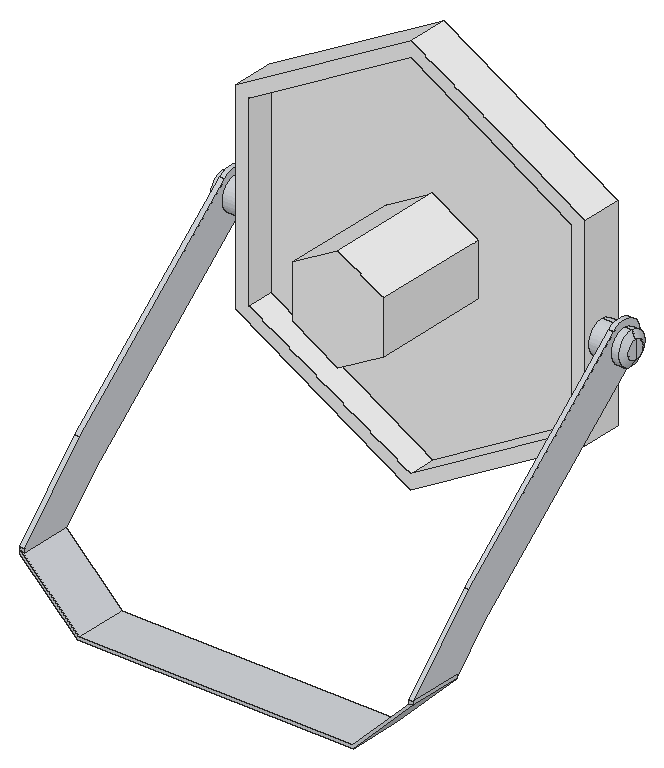
Revit family "Lighting-Floodlights-GEWISS-ESALITE-FL-LED_12K_DALI", category Apparecchi per illuminazione, host Superficie, Revit 2019 (continued)
Types (12, lengths in mm): name | Versions | Technical sheet | Optic | Nominal flux (lm) | built-in parameter 1150142 | Modello | Lumen output (lm) | IDT | File diagramma fotometrico | Descrizione | Colour temperature:
  GWS6425GD30K - ESALITE 12K ELL.3000K PRO+V GR.DALI | "3000K warm light" | "https://www.gewiss.com/ww/en/search?q=GWS6425GD30K" | "Elliptical" | "14000" | "IESNA:LM-63-2002\r\n[TEST] GWS6425GD30K\r\n[TESTLAB] GEWISS\r\n[TESTDATE] 31 Aug 2018\r\n[ISSUEDATE] 31 Aug 2018\r\n[MANUFAC] GEWISS\r\n[LUMCAT] GWS6425GD30K\r\n[LUMINAIRE] ESALITE FL 12K+GLAS ELL. GR. DALI LED830\r\n[FLASHAREA] 0.030706\r\n[LAMPCAT] LED 112W/3000K - 11100lm\r\n[LAMP] LED 112W/3000K - 11100lm\r\nTILT=NONE\r\n1 11100.00 1.0 46 19 1 2 -0.402 -0.402 0.000\r\n1.00 1.00 112.00\r\n0.00 1.00 2.00 3.00 4.00 5.00 6.00 7.00 8.00 9.00 10.00 \r\n11.00 12.00 13.00 14.00 15.00 17.50 20.00 22.50 25.00 \r\n27.50 30.00 32.50 35.00 37.50 40.00 42.50 45.00 47.50 \r\n50.00 52.50 55.00 57.50 60.00 62.50 65.00 67.50 70.00 \r\n72.50 75.00 77.50 80.00 82.50 85.00 87.50 90.00 \r\n0.00 5.00 10.00 15.00 20.00 25.00 30.00 35.00 40.00 45.00 \r\n50.00 55.00 60.00 65.00 70.00 75.00 80.00 85.00 90.00 \r\n4426.35 4423.90 4426.24 4441.33 4480.85 4571.31 4719.83 \r\n4907.75 5087.57 5233.76 5302.36 5297.81 5281.71 5281.82 \r\n5289.93 5317.79 5419.80 5544.89 5709.62 5923.07 6246.75 \r\n6631.92 6684.09 6631.70 6616.49 6605.94 6587.07 6426.23 \r\n5937.06 5035.18 3806.97 2494.84 1431.23 923.01 938.54 \r\n1168.94 1002.56 570.28 378.42 299.00 223.98 170.50 122.01 \r\n69.98 24.27 1.61 \r\n4426.35 4426.90 4428.68 4442.55 4481.63 4569.98 4715.95 \r\n4902.76 5081.91 5229.65 5298.25 5294.70 5279.05 5275.50 \r\n5285.93 5313.90 5415.69 5546.67 5707.18 5920.74 6235.98 \r\n6607.16 6669.32 6635.69 6626.37 6626.48 6617.26 6477.74 \r\n5999.22 5078.47 3834.72 2502.83 1416.36 913.45 930.21 \r\n1158.51 990.43 557.04 353.95 265.87 199.83 152.19 101.30 \r\n54.00 19.07 1.59 \r\n4426.35 4427.46 4427.57 4440.33 4478.74 4563.10 4705.07 \r\n4889.66 5070.15 5218.55 5293.48 5294.48 5277.49 5273.39 \r\n5284.38 5310.46 5415.91 5551.22 5724.27 5944.83 6242.31 \r\n6578.19 6671.43 6680.98 6692.19 6705.73 6709.62 6592.62 \r\n6135.41 5205.12 3950.27 2595.29 1463.31 923.79 922.83 \r\n1155.40 979.10 545.70 342.42 254.83 190.96 138.73 90.70 \r\n50.28 18.43 1.58 \r\n4426.35 4426.24 4427.46 4437.34 4473.30 4553.33 4689.64 \r\n4868.90 5048.06 5204.12 5287.15 5295.48 5278.72 5273.50 \r\n5282.93 5311.35 5422.13 5570.42 5757.68 5989.12 6264.06 \r\n6566.20 6707.73 6764.45 6797.31 6815.07 6787.65 6648.12 \r\n6221.77 5359.97 4188.25 2903.98 1743.70 1035.37 921.83 \r\n1141.30 969.15 541.85 340.38 254.27 192.10 141.92 99.25 \r\n51.71 18.93 1.56 \r\n4426.35 4424.02 4425.79 4433.89 4465.86 4539.01 4666.33 \r\n4839.49 5017.31 5181.81 5282.27 5300.81 5284.38 5279.16 \r\n5287.15 5316.23 5431.78 5591.74 5792.42 6043.40 6311.35 \r\n6581.08 6756.13 6835.27 6848.81 6804.30 6664.44 6400.26 \r\n5986.67 5305.24 4342.99 3205.46 2082.03 1203.91 907.46 \r\n1077.90 954.82 529.49 328.96 251.32 187.55 139.32 96.22 \r\n57.52 22.54 1.54 \r\n4426.35 4425.79 4426.90 4434.56 4461.87 4527.69 4646.57 \r\n4811.96 4987.34 5158.06 5277.38 5315.79 5305.80 5297.03 \r\n5304.02 5332.55 5455.54 5628.03 5840.15 6100.67 6358.64 \r\n6570.98 6705.95 6703.29 6575.97 6333.88 5954.26 5461.64 \r\n4912.08 4330.22 3607.61 2706.85 1789.65 1076.26 793.74 \r\n933.77 886.46 497.75 318.39 243.59 178.10 122.40 79.54 \r\n49.97 23.67 1.51 \r\n4426.35 4426.90 4428.68 4435.12 4456.76 4513.15 4618.71 \r\n4772.89 4944.16 5122.32 5261.29 5327.11 5326.67 5318.45 \r\n5320.90 5345.65 5464.75 5637.02 5843.37 6070.81 6246.41 \r\n6306.58 6238.64 5982.01 5556.44 5004.77 4353.97 3673.21 \r\n3018.20 2435.78 1952.38 1510.49 1120.88 838.82 695.63 \r\n751.27 735.05 442.48 302.70 230.16 166.13 110.90 72.34 \r\n44.69 18.39 1.48 \r\n4426.35 4426.90 4427.57 4431.01 4450.21 4497.94 4590.52 \r\n4732.04 4897.54 5078.14 5235.98 5332.55 5350.42 5340.99 \r\n5338.66 5357.19 5464.86 5619.26 5770.78 5870.23 5828.94 \r\n5591.96 5183.37 4584.85 3867.13 3132.09 2447.22 1882.56 \r\n1487.96 1251.19 1136.08 1077.94 1002.29 872.80 714.11 \r\n612.58 546.73 390.56 285.55 219.78 159.84 113.93 74.21 \r\n44.00 17.62 1.42 \r\n4426.35 4425.13 4427.46 4428.57 4443.66 4484.73 4561.10 \r\n4686.75 4840.60 5018.20 5191.14 5314.46 5361.41 5357.53 \r\n5348.31 5360.52 5439.89 5530.80 5543.01 5399.93 5038.29 \r\n4440.00 3718.28 2938.39 2228.88 1695.08 1350.43 1179.49 \r\n1130.09 1125.98 1128.32 1122.54 1090.13 984.51 804.47 \r\n605.48 455.64 355.09 278.08 218.96 163.54 123.44 82.72 \r\n43.96 16.88 1.36 \r\n4426.35 4427.46 4427.46 4429.79 4441.44 4475.30 4539.90 \r\n4643.69 4784.65 4954.26 5134.31 5285.71 5370.18 5386.50 \r\n5371.84 5367.18 5389.83 5357.08 5146.51 4693.08 3994.22 \r\n3146.29 2349.43 1755.24 1383.17 1194.47 1124.65 1126.43 \r\n1153.85 1177.15 1191.14 1191.70 1180.71 1114.88 954.67 \r\n746.48 535.43 385.85 293.16 225.27 168.23 125.93 87.04 \r\n45.58 16.26 1.29 \r\n4426.35 4426.35 4425.13 4426.90 4435.56 4461.09 4512.59 \r\n4594.73 4712.28 4866.80 5040.51 5211.89 5331.66 5383.83 \r\n5375.06 5351.31 5281.71 5070.15 4592.74 3831.83 2913.75 \r\n2063.71 1523.36 1253.86 1142.19 1120.32 1126.10 1147.52 \r\n1183.48 1214.12 1229.10 1233.77 1229.10 1205.02 1134.42 \r\n1016.77 774.17 494.80 327.82 238.77 174.45 125.87 82.10 \r\n43.94 16.49 1.22 \r\n4426.35 4426.90 4426.90 4427.46 4435.56 4458.20 4499.27 \r\n4562.54 4656.45 4789.32 4951.04 5127.31 5275.27 5371.51 \r\n5387.16 5348.98 5147.40 4718.94 3977.35 2991.56 2054.94 \r\n1463.76 1212.01 1127.87 1120.32 1133.64 1144.63 1162.61 \r\n1192.25 1219.00 1225.33 1219.45 1214.89 1222.33 1267.95 \r\n1308.91 1039.09 628.22 386.66 269.01 192.53 143.41 90.71 \r\n47.86 17.15 1.14 \r\n4426.35 4424.57 4425.79 4425.79 4433.34 4450.77 4480.96 \r\n4529.24 4597.73 4700.63 4838.93 5009.32 5170.38 5304.69 \r\n5363.19 5322.34 4973.58 4323.12 3372.96 2295.37 1534.91 \r\n1245.31 1140.19 1119.32 1132.09 1147.18 1154.18 1158.28 \r\n1172.16 1184.92 1181.37 1163.39 1150.63 1186.48 1320.90 \r\n1478.41 1185.81 689.47 419.40 289.68 205.07 145.59 95.32 \r\n50.55 18.28 1.09 \r\n4426.35 4425.13 4426.35 4427.46 4436.23 4453.65 4482.07 \r\n4517.48 4566.87 4639.47 4744.69 4889.33 5048.50 5200.68 \r\n5293.59 5285.38 4819.73 3953.26 2851.70 1803.42 1305.47 \r\n1207.90 1145.85 1132.98 1144.08 1156.29 1156.18 1147.52 \r\n1143.52 1144.74 1135.97 1121.99 1116.77 1164.39 1343.43 \r\n1548.78 1223.55 700.27 438.91 297.34 203.00 148.31 96.36 \r\n50.43 18.23 1.07 \r\n4426.35 4424.02 4424.57 4425.68 4435.01 4451.32 4476.41 \r\n4502.60 4535.79 4580.08 4649.35 4754.13 4886.89 5030.85 \r\n5140.96 5162.06 4657.56 3618.27 2437.67 1510.82 1244.31 \r\n1247.75 1176.16 1151.18 1156.40 1162.17 1155.29 1137.75 \r\n1122.54 1119.66 1119.77 1116.88 1118.55 1174.05 1385.28 \r\n1621.82 1264.40 732.11 477.28 318.24 206.13 141.43 90.83 \r\n49.28 18.79 1.06 \r\n4426.35 4424.02 4424.57 4424.02 4434.45 4450.77 4471.64 \r\n4493.61 4515.70 4540.57 4575.97 4633.92 4715.17 4820.73 \r\n4913.97 4945.83 4485.73 3347.32 2141.30 1363.19 1255.63 \r\n1313.80 1208.68 1163.95 1161.06 1162.17 1152.96 1131.98 \r\n1111.11 1108.83 1119.88 1126.21 1130.87 1190.92 1423.91 \r\n1681.21 1321.68 795.10 542.42 350.48 225.50 143.03 96.82 \r\n50.24 19.46 1.09 \r\n4426.35 4426.35 4425.68 4426.90 4439.00 4456.43 4478.41 \r\n4499.27 4517.26 4534.13 4549.78 4572.31 4602.50 4650.57 \r\n4696.96 4706.73 4316.12 3210.90 2008.32 1322.12 1309.91 \r\n1393.27 1240.31 1184.15 1176.60 1170.83 1158.62 1137.75 \r\n1115.22 1110.55 1126.21 1138.97 1146.52 1213.67 1463.31 \r\n1733.38 1370.63 865.33 643.15 435.08 273.45 157.81 95.64 \r\n48.44 18.93 1.13 \r\n4426.35 4424.57 4424.57 4426.35 4437.45 4457.32 4476.63 \r\n4498.16 4515.04 4528.47 4534.24 4535.35 4534.02 4525.25 \r\n4510.37 4474.52 4142.41 3214.34 1984.35 1316.24 1364.30 \r\n1466.42 1270.17 1199.47 1190.14 1175.38 1157.29 1136.75 \r\n1120.55 1114.77 1125.21 1140.41 1153.18 1228.66 1493.39 \r\n1765.34 1430.35 953.15 724.15 575.66 383.27 197.59 81.72 \r\n46.18 17.80 1.18 \r\n4426.35 4422.80 4422.80 4425.13 4435.56 4454.21 4475.19 \r\n4494.94 4510.04 4521.70 4527.58 4524.03 4510.15 4479.96 \r\n4432.34 4364.96 4050.06 3223.44 1967.14 1307.25 1381.51 \r\n1488.51 1274.50 1200.13 1188.48 1169.94 1150.18 1129.20 \r\n1117.55 1114.11 1122.21 1133.87 1152.40 1232.99 1502.61 \r\n1772.56 1449.11 1001.83 775.77 652.74 458.42 199.31 78.79 \r\n46.35 17.58 1.17 \r\n" | "GWS6425GD30K" | "11100" | "e70a72d96b654087bec8b3378da9b599" | "GWS6425GD30K.IES" | "ESALITE 12K ELL.3000K PRO+V GR.DALI" | "3000 K (CRI>80)"
  GWS6425GD57K - ESALITE 12K ELL.5700K PRO+V GR.DALI | "5700K cold light" | "https://www.gewiss.com/ww/en/search?q=GWS6425GD57K" | "Elliptical" | "15000" | "IESNA:LM-63-2002\r\n[TEST] GWS6425GD57K\r\n[TESTLAB] GEWISS\r\n[TESTDATE] 31 Aug 2018\r\n[ISSUEDATE] 31 Aug 2018\r\n[MANUFAC] GEWISS\r\n[LUMCAT] GWS6425GD57K\r\n[LUMINAIRE] ESALITE FL 12K+GLAS ELL. GR. DALI LED857\r\n[FLASHAREA] 0.030706\r\n[LAMPCAT] LED 112W/5700K - 11900lm\r\n[LAMP] LED 112W/5700K - 11900lm\r\nTILT=NONE\r\n1 11900.00 1.0 46 19 1 2 -0.402 -0.402 0.000\r\n1.00 1.00 112.00\r\n0.00 1.00 2.00 3.00 4.00 5.00 6.00 7.00 8.00 9.00 10.00 \r\n11.00 12.00 13.00 14.00 15.00 17.50 20.00 22.50 25.00 \r\n27.50 30.00 32.50 35.00 37.50 40.00 42.50 45.00 47.50 \r\n50.00 52.50 55.00 57.50 60.00 62.50 65.00 67.50 70.00 \r\n72.50 75.00 77.50 80.00 82.50 85.00 87.50 90.00 \r\n0.00 5.00 10.00 15.00 20.00 25.00 30.00 35.00 40.00 45.00 \r\n50.00 55.00 60.00 65.00 70.00 75.00 80.00 85.00 90.00 \r\n4745.36 4742.74 4745.24 4761.43 4803.79 4900.78 5060.00 \r\n5261.47 5454.25 5610.97 5684.51 5679.63 5662.38 5662.50 \r\n5671.18 5701.05 5810.41 5944.53 6121.12 6349.96 6696.96 \r\n7109.89 7165.82 7109.66 7093.35 7082.05 7061.82 6889.39 \r\n6364.95 5398.08 4081.34 2674.64 1534.39 989.53 1006.18 \r\n1253.19 1074.82 611.39 405.69 320.55 240.12 182.78 130.80 \r\n75.02 26.02 1.72 \r\n4745.36 4745.96 4747.86 4762.74 4804.63 4899.35 5055.83 \r\n5256.11 5448.18 5606.57 5680.11 5676.30 5659.52 5655.71 \r\n5666.90 5696.89 5806.01 5946.43 6118.50 6347.46 6685.42 \r\n7083.36 7150.00 7113.94 7103.94 7104.06 7094.18 6944.60 \r\n6431.59 5444.49 4111.09 2683.21 1518.44 979.29 997.26 \r\n1242.00 1061.81 597.19 379.46 285.03 214.24 163.16 108.60 \r\n57.89 20.45 1.71 \r\n4745.36 4746.55 4746.67 4760.36 4801.53 4891.97 5044.17 \r\n5242.07 5435.56 5594.67 5674.99 5676.06 5657.86 5653.45 \r\n5665.23 5693.20 5806.25 5951.31 6136.83 6373.28 6692.20 \r\n7052.30 7152.26 7162.49 7174.51 7189.03 7193.19 7067.77 \r\n6577.61 5580.27 4234.97 2782.34 1568.78 990.37 989.34 \r\n1238.67 1049.66 585.03 367.10 273.20 204.73 148.73 97.24 \r\n53.90 19.76 1.69 \r\n4745.36 4745.24 4746.55 4757.14 4795.70 4881.50 5027.63 \r\n5219.82 5411.88 5579.20 5668.21 5677.13 5659.16 5653.57 \r\n5663.69 5694.15 5812.91 5971.90 6172.65 6420.76 6715.53 \r\n7039.44 7191.17 7251.98 7287.20 7306.24 7276.85 7127.27 \r\n6670.19 5746.27 4490.11 3113.28 1869.37 1110.00 988.27 \r\n1223.56 1039.00 580.90 364.91 272.59 205.94 152.15 106.40 \r\n55.44 20.30 1.68 \r\n4745.36 4742.86 4744.77 4753.45 4787.73 4866.15 5002.64 \r\n5188.28 5378.92 5555.28 5662.97 5682.85 5665.23 5659.64 \r\n5668.21 5699.39 5823.27 5994.74 6209.90 6478.96 6766.22 \r\n7055.39 7243.05 7327.90 7342.42 7294.70 7144.76 6861.54 \r\n6418.15 5687.61 4655.99 3436.48 2232.08 1290.67 972.86 \r\n1155.59 1023.64 567.65 352.67 269.43 201.06 149.36 103.15 \r\n61.66 24.16 1.65 \r\n4745.36 4744.77 4745.96 4754.17 4783.44 4854.01 4981.46 \r\n5158.77 5346.79 5529.81 5657.74 5698.91 5688.20 5678.80 \r\n5686.30 5716.88 5848.73 6033.66 6261.07 6540.36 6816.92 \r\n7044.56 7189.27 7186.41 7049.92 6790.38 6383.40 5855.28 \r\n5266.11 4642.31 3867.62 2901.93 1918.64 1153.82 850.95 \r\n1001.06 950.35 533.62 341.34 261.15 190.94 131.22 85.27 \r\n53.57 25.38 1.62 \r\n4745.36 4745.96 4747.86 4754.76 4777.97 4838.42 4951.59 \r\n5116.88 5300.50 5491.49 5640.48 5711.05 5710.57 5701.77 \r\n5704.38 5730.92 5858.61 6043.30 6264.52 6508.35 6696.61 \r\n6761.10 6688.28 6413.15 5956.90 5365.47 4667.78 3937.95 \r\n3235.73 2611.34 2093.09 1619.35 1201.66 899.27 745.76 \r\n805.42 788.03 474.37 324.51 246.75 178.11 118.89 77.55 \r\n47.91 19.71 1.59 \r\n4745.36 4745.96 4746.67 4750.36 4770.95 4822.12 4921.36 \r\n5073.09 5250.52 5444.13 5613.35 5716.88 5736.04 5725.92 \r\n5723.42 5743.30 5858.73 6024.26 6186.69 6293.32 6249.05 \r\n5994.98 5556.94 4915.30 4145.84 3357.82 2623.59 2018.24 \r\n1595.20 1341.37 1217.96 1155.63 1074.52 935.71 765.57 \r\n656.73 586.13 418.71 306.13 235.62 171.36 122.14 79.56 \r\n47.17 18.89 1.52 \r\n4745.36 4744.05 4746.55 4747.74 4763.93 4807.96 4889.83 \r\n5024.54 5189.47 5379.87 5565.27 5697.48 5747.82 5743.65 \r\n5733.78 5746.87 5831.95 5929.41 5942.50 5789.11 5401.41 \r\n4760.00 3986.26 3150.17 2389.52 1817.25 1447.75 1264.49 \r\n1211.54 1207.14 1209.63 1203.45 1168.70 1055.47 862.45 \r\n649.12 488.48 380.68 298.12 234.74 175.32 132.34 88.68 \r\n47.12 18.10 1.45 \r\n4745.36 4746.55 4746.55 4749.05 4761.55 4797.84 4867.10 \r\n4978.37 5129.49 5311.33 5504.35 5666.66 5757.22 5774.71 \r\n5759.01 5754.01 5778.28 5743.18 5517.43 5031.32 4282.10 \r\n3373.05 2518.75 1881.75 1482.86 1280.56 1205.71 1207.61 \r\n1237.01 1261.99 1276.99 1277.58 1265.80 1195.24 1023.47 \r\n800.27 574.02 413.66 314.29 241.51 180.36 135.01 93.32 \r\n48.86 17.43 1.38 \r\n4745.36 4745.36 4744.05 4745.96 4755.24 4782.61 4837.83 \r\n4925.89 5051.91 5217.56 5403.79 5587.53 5715.93 5771.86 \r\n5762.46 5736.99 5662.38 5435.56 4923.74 4108.00 3123.75 \r\n2212.45 1633.16 1344.22 1224.51 1201.07 1207.26 1230.22 \r\n1268.78 1301.62 1317.69 1322.69 1317.69 1291.86 1216.18 \r\n1090.05 829.97 530.47 351.44 255.98 187.02 134.95 88.02 \r\n47.10 17.68 1.31 \r\n4745.36 4745.96 4745.96 4746.55 4755.24 4779.52 4823.55 \r\n4891.38 4992.05 5134.49 5307.88 5496.85 5655.48 5758.65 \r\n5775.43 5734.49 5518.39 5059.05 4264.01 3207.17 2203.05 \r\n1569.25 1299.36 1209.16 1201.07 1215.35 1227.13 1246.41 \r\n1278.18 1306.86 1313.64 1307.33 1302.46 1310.43 1359.34 \r\n1403.25 1113.98 673.49 414.52 288.40 206.41 153.75 97.24 \r\n51.31 18.39 1.23 \r\n4745.36 4743.46 4744.77 4744.77 4752.86 4771.54 4803.91 \r\n4855.68 4929.10 5039.41 5187.69 5370.35 5543.02 5687.01 \r\n5749.72 5705.93 5332.03 4634.69 3616.05 2460.80 1645.53 \r\n1335.06 1222.37 1200.00 1213.68 1229.87 1237.36 1241.76 \r\n1256.64 1270.33 1266.52 1247.24 1233.55 1271.99 1416.10 \r\n1584.96 1271.28 739.16 449.63 310.55 219.85 156.08 102.19 \r\n54.19 19.60 1.16 \r\n4745.36 4744.05 4745.36 4746.55 4755.95 4774.64 4805.10 \r\n4843.06 4896.02 4973.84 5086.65 5241.71 5412.36 5575.51 \r\n5675.11 5666.30 5167.10 4238.18 3057.23 1933.39 1399.56 \r\n1294.96 1228.44 1214.63 1226.53 1239.62 1239.50 1230.22 \r\n1225.94 1227.25 1217.85 1202.85 1197.26 1248.31 1440.26 \r\n1660.41 1311.74 750.74 470.54 318.77 217.63 159.00 103.30 \r\n54.07 19.55 1.15 \r\n4745.36 4742.86 4743.46 4744.65 4754.65 4772.14 4799.03 \r\n4827.12 4862.70 4910.18 4984.43 5096.77 5239.09 5393.44 \r\n5511.48 5534.10 4993.24 3879.04 2613.36 1619.71 1333.99 \r\n1337.68 1260.92 1234.15 1239.74 1245.93 1238.55 1219.75 \r\n1203.45 1200.35 1200.47 1197.38 1199.16 1258.66 1485.12 \r\n1738.71 1355.53 784.88 511.68 341.17 220.98 151.62 97.37 \r\n52.83 20.15 1.14 \r\n4745.36 4742.86 4743.46 4742.86 4754.05 4771.54 4793.91 \r\n4817.48 4841.16 4867.81 4905.78 4967.89 5055.00 5168.17 \r\n5268.13 5302.28 4809.03 3588.56 2295.63 1461.44 1346.13 \r\n1408.48 1295.79 1247.83 1244.74 1245.93 1236.05 1213.56 \r\n1191.19 1188.75 1200.59 1207.37 1212.37 1276.75 1526.53 \r\n1802.37 1416.93 852.41 581.52 375.74 241.75 153.34 103.80 \r\n53.86 20.87 1.17 \r\n4745.36 4745.36 4744.65 4745.96 4758.93 4777.61 4801.17 \r\n4823.55 4842.82 4860.91 4877.69 4901.85 4934.22 4985.74 \r\n5035.48 5045.96 4627.20 3442.31 2153.07 1417.41 1404.32 \r\n1493.69 1329.71 1269.49 1261.40 1255.21 1242.12 1219.75 \r\n1195.59 1190.60 1207.37 1221.06 1229.15 1301.15 1568.78 \r\n1858.30 1469.41 927.70 689.50 466.43 293.16 169.18 102.53 \r\n51.94 20.30 1.21 \r\n4745.36 4743.46 4743.46 4745.36 4757.26 4778.56 4799.27 \r\n4822.36 4840.44 4854.84 4861.03 4862.22 4860.79 4851.39 \r\n4835.45 4797.01 4440.96 3446.00 2127.36 1411.10 1462.63 \r\n1572.11 1361.72 1285.91 1275.92 1260.09 1240.69 1218.68 \r\n1201.31 1195.12 1206.30 1222.61 1236.29 1317.21 1601.03 \r\n1892.58 1533.43 1021.84 776.34 617.15 410.90 211.83 87.61 \r\n49.51 19.08 1.27 \r\n4745.36 4741.56 4741.56 4744.05 4755.24 4775.23 4797.72 \r\n4818.90 4835.09 4847.58 4853.89 4850.08 4835.21 4802.84 \r\n4751.79 4679.56 4341.95 3455.76 2108.92 1401.46 1481.07 \r\n1595.79 1366.36 1286.63 1274.13 1254.26 1233.08 1210.59 \r\n1198.09 1194.40 1203.09 1215.59 1235.46 1321.85 1610.90 \r\n1900.31 1553.55 1074.03 831.68 699.78 491.46 213.68 84.47 \r\n49.69 18.84 1.26 \r\n" | "GWS6425GD57K" | "11900" | "2df79d5331094aef822ba53e97536c19" | "GWS6425GD57K.IES" | "ESALITE 12K ELL.5700K PRO+V GR.DALI" | "5700 K (CRI>80)"
